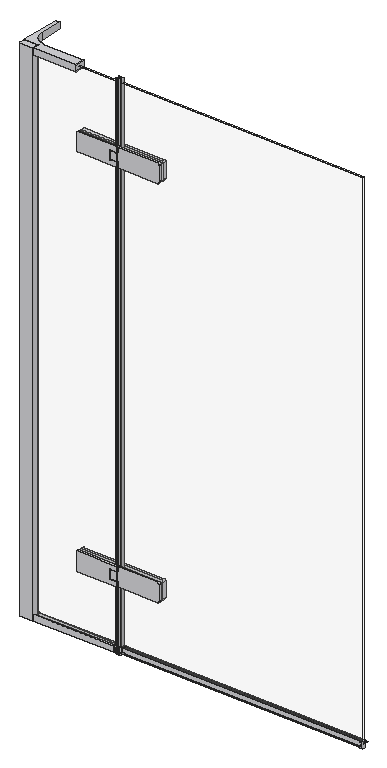
Revit family "Shower-Bath_Screen-KOHLER-COMPOSED-1.1922.031", category Specialty Equipment, host Face, Revit 2017
Family settings
  Host = Face
  Round Connector Dimension = Use Diameter
  Part Type = Normal
  OmniClass Number = 23.31.17.17
  OmniClass Title = Shower Enclosures
  Cut with Voids When Loaded = No
  Shared = No
  Room Calculation Point = No
Parameters (values of type "Polished Chrome")
  Width [instance] = 40 5/8"
  WaterSense Certified = 1 = 0  # no
  URL = "https://www.kohler.co.uk/"
  Type = 1
  Product Page URL = ""
  Product Name = "COMPOSED"  # constant formula
  Product Documentation Link = ""
  Model = "1.1922.031"  # constant formula
  Material = "Premium Metal Construction"  # constant formula
  Master Format 2014 Name = "Shower Doors"  # constant formula
  Master Format 2014 = "10 28 19.16"  # constant formula
  Manufacturer Address = "Cromwell Road, Cheltenham, Gloucestershire. GL52 5EP Registered in England No. 252115"  # constant formula
  Manufacturer = "KOHLER Co."  # constant formula
  Length = 5 91/256"  # constant formula
  Height = 61 3/128"  # constant formula
  Head Clearance = 60 111/128"  # constant formula
  Finish = Kohler-Metal-CP-Polished_Chrome
  Environmental Product Declaration = ""
  Description = "HINGE BATH SCREEN"  # constant formula
  Default Elevation = 4"
  Declare Label = ""
  Date Modified = "10/29/2021"  # constant formula
  Date Created = "10/29/2021"  # constant formula
  Copyright = "Copyright KOHLER Co."  # constant formula
  Contact Us = "https://www.kohler.co.uk/support/contact/"
  Assembly Code = "C1030200"
  ADA Compliant = 1 = 0  # no
Reference planes (in)
  plane 1 "Center (Front/Back)": y = 0
  plane 2: z = 0
  plane 3 "Center (Left/Right)": x = 0
  plane 4: x = -11.61417
  plane 5: z = 61.02344
  plane 6: z = 60.86719
  plane 7: z = 60.27541
  plane 8: z = 53.9891
  plane 9: z = 51.82374
  plane 10: z = 9.35039
  plane 11: z = 7.18504
  plane 12: x = 29.01083
  plane 13: y = 2.67717
  plane 14: y = -2.6783
  plane 15: y = -2.35927
Dimensions and locks (in)
  locked: plane 3 "Center (Left/Right)" to plane 4 at 11.61417
  "Height": plane 5 to plane 2
  locked: plane 5 to plane 7 at 0.74803
  "Head Clearance": plane 6 to plane 2
  "Width": plane 4 to plane 12
  "Length": plane 13 to plane 14
  aligned and locked: plane 2 to host face
  aligned and locked: level to host face
Automatic sketch dimensions
  host sketch curve to host sketch curve = 96"  (x2)
Nested families (in)
  nested 1: "1.1922.031" at (0, 2.67717, 0), type "1.1922.031"
    with Width 40 5/8"
Definition of nested family "1.1922.031"
  Parameters (values of type "1.1922.031")
    Width = 40.15748"
    Material = none
  Reference planes (in)
    plane 1 "Center (Front/Back)": y = 0
    plane 2: z = 0
    plane 3 "Center (Left/Right)": x = 0
    plane 4: x = -11.61417
    plane 5: x = 28.54331
    plane 6: z = 60.86614
    plane 7: z = 61.02362
    plane 8: z = 60.27559
    plane 9: y = -5.35433
    plane 10: z = 53.9891
    plane 11: z = 51.82374
    plane 12: z = 9.35039
    plane 13: z = 7.18504
    plane 14: y = -2.67717
    plane 15: y = -5.03644
  Forms (in)
    Extrusion 1, solid, material <- "Material", detail levels medium+fine
      sketch origin (0, 0, 0) x (1, 0, 0) y (0, 1, 0)
        loop
          line (-11.5748, -5.25756) -> (-11.61417, -5.25756) -> (-11.61417, -5.31492)
          arc (-11.61417, -5.31492) -> (-11.60804, -5.33003) -> (-11.5931, -5.33657) r 0.02165
          arc (-11.5931, -5.33657) -> (-10.82677, -5.34678) -> (-10.06043, -5.33629) r 28.38014
          arc (-10.06043, -5.33629) -> (-10.04551, -5.32975) -> (-10.03937, -5.31464) r 0.02165
          line (-10.03937, -5.31464) -> (-10.03937, -4.64939)
          arc (-10.03937, -4.64939) -> (-10.04551, -4.63428) -> (-10.06043, -4.62774) r 0.02165
          arc (-10.06043, -4.62774) -> (-10.82677, -4.61725) -> (-11.5931, -4.62746) r 28.38014
          arc (-11.5931, -4.62746) -> (-11.60804, -4.634) -> (-11.61417, -4.64911) r 0.02165
          line (-11.61417, -4.64911) -> (-11.61417, -4.71031) -> (-11.5748, -4.71031) -> (-11.5748, -5.25756)
      from 0 to 61.02362
    Extrusion 2, solid, material <- "Material", detail levels medium+fine
      sketch origin (0, 0, 0) x (1, 0, 0) y (0, 1, 0)
        loop
          arc (-0.03937, -5.18961) -> (-0.04592, -5.20408) -> (-0.06113, -5.20871) r 0.01926
          line (-0.06113, -5.20871) -> (-0.16929, -5.19459)
          arc (-0.16929, -5.19459) -> (-0.17541, -5.18062) -> (-0.18953, -5.17488) r 0.02025
          line (-0.18953, -5.17488) -> (-0.24016, -5.17488) -> (-0.24016, -5.22902) -> (-0.06203, -5.25226)
          arc (-0.06203, -5.25226) -> (-0.01594, -5.23824) -> (0.00394, -5.19435) r 0.05841
          line (0.00394, -5.19435) -> (0.00394, -4.99772) -> (0.17759, -4.99772)
          arc (0.17759, -4.99772) -> (0.29534, -4.87754) -> (0.17278, -4.76227) r 0.11777
          line (0.17278, -4.76227) -> (-0.04223, -4.77105) -> (-0.24016, -4.80572) -> (-0.24016, -4.85992) -> (-0.18898, -4.85992)
          arc (-0.18898, -4.85992) -> (-0.17505, -4.85415) -> (-0.16929, -4.84022) r 0.01969
          line (-0.16929, -4.84022) -> (-0.06455, -4.82655)
          arc (-0.06455, -4.82655) -> (-0.04696, -4.83191) -> (-0.03937, -4.84867) r 0.0223
          line (-0.03937, -4.84867) -> (-0.03937, -5.18961)
      from 0.23622 to 61.1811
    Extrusion 3, solid, material <- "Material", detail levels medium+fine
      sketch origin (-4.19291, -5.37173, 61.07373) x (-1, 0, 0) y (0, 0, -1)
        loop
          line (0.7874, 0.05011) -> (5.74803, 0.05011)
          arc (5.74803, 0.05011) -> (5.80371, 0.07318) -> (5.82677, 0.12885) r 0.07874
          line (5.82677, 0.12885) -> (5.82677, 0.73122)
          arc (5.82677, 0.73122) -> (5.80371, 0.78689) -> (5.74803, 0.80996) r 0.07874
          line (5.74803, 0.80996) -> (0.7874, 0.80996)
          arc (0.7874, 0.80996) -> (0.73172, 0.78689) -> (0.70866, 0.73122) r 0.07874
          line (0.70866, 0.73122) -> (0.70866, 0.12885)
          arc (0.70866, 0.12885) -> (0.73172, 0.07318) -> (0.7874, 0.05011) r 0.07874
      from 0 to -1.12598
    Extrusion 4, solid, material <- "Material", detail levels medium+fine
      sketch origin (-11.16142, -1.53978, 61.02362) x (1, 0, 0) y (0, 1, 0)
        loop
          line (0.02362, 1.53978) -> (-0.45276, 1.53978) -> (-0.45276, -3.05589)
          arc (-0.45276, -3.05589) -> (-0.44323, -3.07846) -> (-0.42043, -3.08738) r 0.0315
          arc (-0.42043, -3.08738) -> (0.34028, -3.07747) -> (1.10098, -3.08796) r 28.38014
          arc (1.10098, -3.08796) -> (1.12148, -3.08722) -> (1.14173, -3.08392) r 0.16294
          line (1.14173, -3.08392) -> (3.18898, -3.08392) -> (3.18898, -2.70597) -> (1.52343, -2.70597)
          arc (1.52343, -2.70597) -> (0.4629, -2.26668) -> (0.02362, -1.20616) r 1.49981
          line (0.02362, -1.20616) -> (0.02362, 1.53978)
      from 0 to -0.75984
    Extrusion 5, solid, material <- "Material", detail levels medium+fine
      sketch origin (0, 0, 0) x (1, 0, 0) y (0, 1, 0)
        loop
          line (-0.4616, -5.17685) -> (-0.4616, -5.33433) -> (-0.09152, -5.33433)
          arc (-0.09152, -5.33433) -> (-0.03456, -5.32839) -> (0.01994, -5.31084) r 0.2762
          arc (0.01994, -5.31084) -> (0.01357, -5.32429) -> (0.02522, -5.33354) r 0.01196
          line (0.02522, -5.33354) -> (0.19934, -5.33354)
          arc (0.19934, -5.33354) -> (0.24301, -5.3287) -> (0.28454, -5.3144) r 0.19918
          line (0.28454, -5.3144) -> (0.40157, -5.25902) -> (0.40157, -5.18028) -> (0.15582, -5.18028)
          arc (0.15582, -5.18028) -> (0.17474, -5.13123) -> (0.18386, -5.07946) r 0.27151
          arc (0.18386, -5.07946) -> (0.1788, -5.06491) -> (0.16468, -5.05874) r 0.01923
          line (0.16468, -5.05874) -> (0.13204, -5.05874)
          arc (0.13204, -5.05874) -> (0.11784, -5.06406) -> (0.11063, -5.07739) r 0.02162
          arc (0.11063, -5.07739) -> (0.03865, -5.21042) -> (-0.10301, -5.26346) r 0.21568
          line (-0.10301, -5.26346) -> (-0.26475, -5.26346) -> (-0.26475, -5.17685) -> (-0.4616, -5.17685)
      from 0 to 0.76759
    Extrusion 6, solid, material <- "Material", detail levels medium+fine
      sketch origin (0, -0.05103, 0) x (0, 1, 0) y (0, 0, 1)
        loop
          line (-5.26346, 0.70866) -> (-5.26346, 0) -> (-4.71228, 0) -> (-4.71228, 0.70866) -> (-4.80087, 0.70866) -> (-4.80087, 0.35433) -> (-5.17488, 0.35433) -> (-5.17488, 0.70866) -> (-5.26346, 0.70866)
      from -10.03937 to -0.4616
    Extrusion 7, solid, material <- "Material", detail levels medium+fine
      sketch origin (0, 0, 0) x (0, 1, 0) y (0, 0, 1)
        loop
          line (-5.1634, 0.76759) -> (-5.21637, 0.76759)
          arc (-5.21637, 0.76759) -> (-5.24653, 0.7551) -> (-5.25902, 0.72495) r 0.04264
          line (-5.25902, 0.72495) -> (-5.25902, 0.22258)
          arc (-5.25902, 0.22258) -> (-5.03644, 0) -> (-4.81386, 0.22258) r 0.22258
          line (-4.81386, 0.22258) -> (-4.81386, 0.41903) -> (-4.82259, 0.65438)
          arc (-4.82259, 0.65438) -> (-4.81396, 0.66854) -> (-4.79756, 0.66614) r 0.01503
          arc (-4.79756, 0.66614) -> (-4.64291, 0.53916) -> (-4.47818, 0.42559) r 2.38732
          arc (-4.47818, 0.42559) -> (-4.45199, 0.43127) -> (-4.45716, 0.45757) r 0.01914
          arc (-4.45716, 0.45757) -> (-4.61358, 0.56965) -> (-4.7652, 0.68814) r 4.63249
          arc (-4.7652, 0.68814) -> (-4.79159, 0.71164) -> (-4.81584, 0.73735) r 0.40621
          arc (-4.81584, 0.73735) -> (-4.83808, 0.75733) -> (-4.86461, 0.77111) r 0.11869
          arc (-4.86461, 0.77111) -> (-4.87961, 0.76918) -> (-4.8866, 0.75578) r 0.01634
          line (-4.8866, 0.75578) -> (-4.8866, 0.62936)
          arc (-4.8866, 0.62936) -> (-4.88124, 0.61523) -> (-4.86784, 0.60822) r 0.0213
          line (-4.86784, 0.60822) -> (-4.86103, 0.41647)
          arc (-4.86103, 0.41647) -> (-4.86719, 0.40042) -> (-4.88301, 0.3937) r 0.02199
          line (-4.88301, 0.3937) -> (-5.16493, 0.3937)
          arc (-5.16493, 0.3937) -> (-5.18105, 0.40038) -> (-5.18772, 0.41649) r 0.02279
          line (-5.18772, 0.41649) -> (-5.18772, 0.45276) -> (-5.22358, 0.48882) -> (-5.22358, 0.70854) -> (-5.1634, 0.70854) -> (-5.1634, 0.76759)
      from 0.40157 to 28.54331
    Extrusion 8, solid, material <- "Material", detail levels medium+fine
      sketch origin (0, 0, 0) x (1, 0, 0) y (0, 0, 1)
        loop
          arc (-4.6063, 9.35039) -> (-4.74549, 9.29274) -> (-4.80315, 9.15354) r 0.19685
          line (-4.80315, 9.15354) -> (-4.80315, 7.38189)
          arc (-4.80315, 7.38189) -> (-4.74549, 7.2427) -> (-4.6063, 7.18504) r 0.19685
          line (-4.6063, 7.18504) -> (-0.02953, 7.18504)
          arc (-0.02953, 7.18504) -> (-0.00169, 7.19657) -> (0.00984, 7.22441) r 0.03937
          line (0.00984, 7.22441) -> (0.00984, 9.31102)
          arc (0.00984, 9.31102) -> (-0.00169, 9.33886) -> (-0.02953, 9.35039) r 0.03937
          line (-0.02953, 9.35039) -> (-4.6063, 9.35039)
        loop
          arc (4.84252, 7.18504) -> (4.98171, 7.2427) -> (5.03937, 7.38189) r 0.19685
          line (5.03937, 7.38189) -> (5.03937, 9.15354)
          arc (5.03937, 9.15354) -> (4.98171, 9.29274) -> (4.84252, 9.35039) r 0.19685
          line (4.84252, 9.35039) -> (0.3937, 9.35039)
          arc (0.3937, 9.35039) -> (0.36586, 9.33886) -> (0.35433, 9.31102) r 0.03937
          line (0.35433, 9.31102) -> (0.35433, 7.22441)
          arc (0.35433, 7.22441) -> (0.36586, 7.19657) -> (0.3937, 7.18504) r 0.03937
          line (0.3937, 7.18504) -> (4.84252, 7.18504)
      from 4.53786 to 4.85992
    Extrusion 9, solid, material <- "Material", detail levels medium+fine
      sketch origin (0.01969, 0, 44.6387) x (1, 0, 0) y (0, 0, 1)
        loop
          arc (-4.6063, 9.35039) -> (-4.74549, 9.29274) -> (-4.80315, 9.15354) r 0.19685
          line (-4.80315, 9.15354) -> (-4.80315, 7.38189)
          arc (-4.80315, 7.38189) -> (-4.74549, 7.2427) -> (-4.6063, 7.18504) r 0.19685
          line (-4.6063, 7.18504) -> (-0.02953, 7.18504)
          arc (-0.02953, 7.18504) -> (-0.00169, 7.19657) -> (0.00984, 7.22441) r 0.03937
          line (0.00984, 7.22441) -> (0.00984, 9.31102)
          arc (0.00984, 9.31102) -> (-0.00169, 9.33886) -> (-0.02953, 9.35039) r 0.03937
          line (-0.02953, 9.35039) -> (-4.6063, 9.35039)
        loop
          arc (4.84252, 7.18504) -> (4.98171, 7.2427) -> (5.03937, 7.38189) r 0.19685
          line (5.03937, 7.38189) -> (5.03937, 9.15354)
          arc (5.03937, 9.15354) -> (4.98171, 9.29274) -> (4.84252, 9.35039) r 0.19685
          line (4.84252, 9.35039) -> (0.3937, 9.35039)
          arc (0.3937, 9.35039) -> (0.36586, 9.33886) -> (0.35433, 9.31102) r 0.03937
          line (0.35433, 9.31102) -> (0.35433, 7.22441)
          arc (0.35433, 7.22441) -> (0.36586, 7.19657) -> (0.3937, 7.18504) r 0.03937
          line (0.3937, 7.18504) -> (4.84252, 7.18504)
      from 4.53786 to 4.85992
    Extrusion 10, solid, material <- "Material", detail levels medium+fine
      sketch origin (0, 0, 0) x (1, 0, 0) y (0, 0, 1)
        loop
          line (0.02953, 9.35039) -> (-4.6063, 9.35039)
          arc (-4.6063, 9.35039) -> (-4.74549, 9.29274) -> (-4.80315, 9.15354) r 0.19685
          line (-4.80315, 9.15354) -> (-4.80315, 7.38189)
          arc (-4.80315, 7.38189) -> (-4.74549, 7.2427) -> (-4.6063, 7.18504) r 0.19685
          line (-4.6063, 7.18504) -> (0.02953, 7.18504) -> (0.02953, 7.75394) -> (-0.83661, 7.75394) -> (-0.83661, 8.7815) -> (0.02953, 8.7815) -> (0.02953, 9.35039)
        loop
          line (-0.75787, 8.74016) -> (-0.75787, 7.79528) -> (0.20669, 7.79528) -> (0.20669, 7.18504) -> (4.84252, 7.18504)
          arc (4.84252, 7.18504) -> (4.98171, 7.2427) -> (5.03937, 7.38189) r 0.19685
          line (5.03937, 7.38189) -> (5.03937, 9.15354)
          arc (5.03937, 9.15354) -> (4.98171, 9.29274) -> (4.84252, 9.35039) r 0.19685
          line (4.84252, 9.35039) -> (0.20669, 9.35039) -> (0.20669, 8.74016) -> (-0.75787, 8.74016)
      from 5.21425 to 5.43079
    Extrusion 11, solid, detail levels medium+fine
      sketch origin (0, 0, 0) x (1, 0, 0) y (0, 1, 0)
        loop
          line (-0.07874, -4.85992) -> (-11.29921, -4.85992) -> (-11.29921, -5.17488) -> (-0.07874, -5.17488) -> (-0.03937, -5.13551) -> (-0.03937, -4.89929) -> (-0.07874, -4.85992)
      from 0.35433 to 60.7874
    Extrusion 12, solid, detail levels medium+fine
      sketch origin (0, 0, 0) x (1, 0, 0) y (0, 1, 0)
        loop
          line (0.20472, -5.13551) -> (0.24409, -5.17488) -> (28.54331, -5.17488) -> (28.54331, -4.85992) -> (0.24409, -4.85992) -> (0.20472, -4.89929) -> (0.20472, -5.13551)
      from 0.3937 to 60.7874
    Extrusion 13, solid, material <- "Material", detail levels medium+fine
      sketch origin (0.01969, 0, 44.6387) x (1, 0, 0) y (0, 0, 1)
        loop
          line (0.02953, 9.35039) -> (-4.6063, 9.35039)
          arc (-4.6063, 9.35039) -> (-4.74549, 9.29274) -> (-4.80315, 9.15354) r 0.19685
          line (-4.80315, 9.15354) -> (-4.80315, 7.38189)
          arc (-4.80315, 7.38189) -> (-4.74549, 7.2427) -> (-4.6063, 7.18504) r 0.19685
          line (-4.6063, 7.18504) -> (0.02953, 7.18504) -> (0.02953, 7.75394) -> (-0.83661, 7.75394) -> (-0.83661, 8.7815) -> (0.02953, 8.7815) -> (0.02953, 9.35039)
        loop
          line (-0.75787, 8.74016) -> (-0.75787, 7.79528) -> (0.20669, 7.79528) -> (0.20669, 7.18504) -> (4.84252, 7.18504)
          arc (4.84252, 7.18504) -> (4.98171, 7.2427) -> (5.03937, 7.38189) r 0.19685
          line (5.03937, 7.38189) -> (5.03937, 9.15354)
          arc (5.03937, 9.15354) -> (4.98171, 9.29274) -> (4.84252, 9.35039) r 0.19685
          line (4.84252, 9.35039) -> (0.20669, 9.35039) -> (0.20669, 8.74016) -> (-0.75787, 8.74016)
      from 5.17488 to 5.43079
    Extrusion 14, solid, material <- "Material", detail levels coarse
      sketch origin (0, 0, 0) x (1, 0, 0) y (0, 0, 1)
        loop
          line (-11.61417, 61.02362) -> (-11.61417, 0) -> (28.54331, 0) -> (28.54331, 0.70866) -> (0.29536, 0.70866) -> (0.29536, 7.18504) -> (5.03937, 7.18504) -> (5.03937, 9.35039) -> (0.29536, 9.35039) -> (0.29536, 51.82374) -> (5.05906, 51.82374) -> (5.05906, 53.9891) -> (0.29536, 53.9891) -> (0.29536, 61.1811) -> (-0.24016, 61.1811) -> (-0.24016, 53.9891) -> (-4.78346, 53.9891) -> (-4.78346, 51.82374) -> (-0.24016, 51.82374) -> (-0.24016, 9.35039) -> (-4.80315, 9.35039) -> (-4.80315, 7.18504) -> (-0.24016, 7.18504) -> (-0.24016, 0.70866) -> (-10.01969, 0.70866) -> (-10.01969, 61.02362) -> (-11.61417, 61.02362)
      from 4.44884 to 5.35433
    Extrusion 15, solid, material <- "Material", detail levels coarse
      sketch origin (-4.98031, -5.37173, 61.02362) x (-1, 0, 0) y (0, -1, 0)
        loop
          line (0, -1.12598) -> (4.65768, -1.12598)
          arc (4.65768, -1.12598) -> (5.7182, -1.56527) -> (6.15748, -2.62579) r 1.49981
          line (6.15748, -2.62579) -> (6.15748, -5.37173) -> (6.63386, -5.37173) -> (6.63386, -0.92289) -> (5.03937, -0.92289) -> (5.03937, 0) -> (0, 0) -> (0, -1.12598)
      from 0 to -0.75984
    Extrusion 16, solid, detail levels coarse
      sketch origin (0, 0, 0) x (1, 0, 0) y (0, 0, 1)
        loop
          line (-0.24016, 60.7874) -> (-10.01969, 60.7874) -> (-10.01969, 0.70866) -> (-0.24016, 0.70866) -> (-0.24016, 7.18504) -> (-4.80315, 7.18504) -> (-4.80315, 9.35039) -> (-0.24016, 9.35039) -> (-0.24016, 51.82374) -> (-4.78346, 51.82374) -> (-4.78346, 53.9891) -> (-0.24016, 53.9891) -> (-0.24016, 60.7874)
        loop
          line (0.29536, 0.70866) -> (28.54331, 0.70866) -> (28.54331, 60.7874) -> (0.29536, 60.7874) -> (0.29536, 53.9891) -> (5.05906, 53.9891) -> (5.05906, 51.82374) -> (0.29536, 51.82374) -> (0.29536, 9.35039) -> (5.03937, 9.35039) -> (5.03937, 7.18504) -> (0.29536, 7.18504) -> (0.29536, 0.70866)
      from 5.17488 to 4.85992
  Cuts and joins
    joined: Extrusion 3, Extrusion 4
    joined: Extrusion 5, Extrusion 7
    joined: Extrusion 8, Extrusion 9, Extrusion 10, Extrusion 13
    joined: Extrusion 11, Extrusion 12
    joined: Extrusion 14, Extrusion 15
  Lines and regions (in)
    Masking region 1
      outline origin (0, 0, 0) x (1, 0, 0) y (0, 0, 1)
        loop
          line (-4.98031, 61.02362) -> (-11.61417, 61.02362) -> (-11.61417, 0) -> (28.54331, 0) -> (28.54331, 60.86614) -> (0.29536, 60.86614) -> (0.29536, 61.1811) -> (-0.24016, 61.1811) -> (-0.24016, 60.86614) -> (-4.90157, 60.86614) -> (-4.90157, 60.94488)
          arc (-4.90157, 60.94488) -> (-4.92464, 61.00056) -> (-4.98031, 61.02362) r 0.07874
    Masking region 2
      outline origin (0, 0, 0) x (0, 1, 0) y (0, 0, 1)
        loop
          line (0, 61.02362) -> (-4.76217, 61.02362) -> (-4.76217, 61.1811) -> (-5.25276, 61.1811) -> (-5.25276, 61.02362) -> (-5.38853, 61.02362) -> (-5.38853, 60.27559) -> (-5.35433, 60.27559) -> (-5.35433, 53.9891) -> (-5.43079, 53.9891) -> (-5.43079, 51.82374) -> (-5.35433, 51.82374) -> (-5.35433, 9.35039) -> (-5.43079, 9.35039) -> (-5.43079, 7.18504) -> (-5.35433, 7.18504) -> (-5.35433, 0) -> (-4.61516, 0) -> (-4.61516, 0.51857)
          arc (-4.61516, 0.51857) -> (-4.54747, 0.47089) -> (-4.47818, 0.42559) r 2.38732
          arc (-4.47818, 0.42559) -> (-4.45199, 0.43127) -> (-4.45716, 0.45757) r 0.01914
          arc (-4.45716, 0.45757) -> (-4.53675, 0.51337) -> (-4.61516, 0.57084) r 4.63249
          line (-4.61516, 0.57084) -> (-4.61516, 7.18504) -> (-4.53786, 7.18504) -> (-4.53786, 9.35039) -> (-4.61516, 9.35039) -> (-4.61516, 51.82374) -> (-4.53786, 51.82374) -> (-4.53786, 53.9891) -> (-4.61516, 53.9891) -> (-4.61516, 60.27559) -> (0, 60.27559) -> (0, 61.02362)
    Masking region 3
      outline origin (0, 0, 0) x (1, 0, 0) y (0, 1, 0)
        loop
          line (-11.1378, 0) -> (-11.61417, 0) -> (-11.61417, -4.59568)
          arc (-11.61417, -4.59568) -> (-11.60688, -4.61583) -> (-11.58838, -4.62665) r 0.0315
          arc (-11.58838, -4.62665) -> (-11.60637, -4.63247) -> (-11.61417, -4.64911) r 0.02165
          line (-11.61417, -4.64911) -> (-11.61417, -4.71031) -> (-11.5748, -4.71031) -> (-11.5748, -5.25756) -> (-11.61417, -5.25756) -> (-11.61417, -5.31263)
          arc (-11.61417, -5.31263) -> (-11.60753, -5.32899) -> (-11.59136, -5.33608) r 0.02346
          arc (-11.59136, -5.33608) -> (-10.81606, -5.34678) -> (-10.04075, -5.33629) r 28.38014
          arc (-10.04075, -5.33629) -> (-10.02582, -5.32975) -> (-10.01969, -5.31464) r 0.02165
          line (-10.01969, -5.31464) -> (-10.01969, -5.35433) -> (-4.90157, -5.35433) -> (-4.90157, -5.3145) -> (-4.80315, -5.3145) -> (-4.80315, -5.43079) -> (5.05906, -5.43079) -> (5.05906, -5.25902) -> (28.54331, -5.25902) -> (28.54331, -4.44884) -> (0.40157, -4.44884) -> (0.40157, -4.53786) -> (0.35433, -4.53786) -> (0.35433, -4.85992) -> (0.29365, -4.85992)
          arc (0.29365, -4.85992) -> (0.2516, -4.78834) -> (0.17278, -4.76227) r 0.11777
          line (0.17278, -4.76227) -> (0.02954, -4.76812) -> (0.02954, -4.53786) -> (-4.80315, -4.53786) -> (-4.80315, -4.76332) -> (-4.90157, -4.76332) -> (-4.90157, -4.24575) -> (-9.63799, -4.24575)
          arc (-9.63799, -4.24575) -> (-10.69851, -3.80647) -> (-11.1378, -2.74594) r 1.49981
          line (-11.1378, -2.74594) -> (-11.1378, 0)
    symbolic lines, detail levels medium+fine
      curve 1: line (-10.03937, 0, 61.02362) -> (-10.03937, 0, 0)
      curve 2: arc (-9.94094, 0, 61.02362) -> (-9.99662, 0, 61.00056) -> (-10.01969, 0, 60.94488) r 0.07874
      curve 3: line (-10.01969, 0, 60.94488) -> (-10.01969, 0, 60.34252)
      curve 4: arc (-10.01969, 0, 60.34252) -> (-10.00974, 0, 60.30422) -> (-9.98242, 0, 60.27559) r 0.07874
      curve 5: line (-9.98242, 0, 60.27559) -> (-4.98031, 0, 60.27559)
      curve 6: line (-4.90157, 0, 60.35433) -> (-4.90157, 0, 60.86614)
      curve 7: arc (-4.98031, 0, 60.27559) -> (-4.92464, 0, 60.29865) -> (-4.90157, 0, 60.35433) r 0.07874
      curve 8: line (-0.24016, 0, 60.86614) -> (-0.24016, 0, 53.9891)
      curve 9: line (0.20472, 0, 60.7874) -> (0.20472, 0, 53.9891)
      curve 10: line (0.20472, 0, 60.7874) -> (0.29536, 0, 60.7874)
      curve 11: line (0, 0, 61.1811) -> (0, 0, 53.9891)
      curve 12: line (0.24409, 0, 0.76759) -> (0.24409, 0, 7.18504)
      curve 13: line (-0.4616, 0, 0.76759) -> (0.40157, 0, 0.76759)
      curve 14: line (-0.4616, 0, 0.76759) -> (-0.4616, 0, 0)
      curve 15: line (0.40157, 0, 0.76759) -> (0.40157, 0, 0)
      curve 16: line (-0.4616, 0, 0.70866) -> (-10.03937, 0, 0.70866)
      curve 17: line (0.40157, 0, 0.76759) -> (28.54331, 0, 0.76759)
      curve 18: line (0.02522, 0, 0.76759) -> (0.02522, 0, 0)
      curve 19: line (0.02953, 0, 9.35039) -> (-4.6063, 0, 9.35039)
      curve 20: arc (-4.6063, 0, 9.35039) -> (-4.74549, 0, 9.29274) -> (-4.80315, 0, 9.15354) r 0.19685
      curve 21: line (-4.80315, 0, 9.15354) -> (-4.80315, 0, 7.38189)
      curve 22: arc (-4.80315, 0, 7.38189) -> (-4.74549, 0, 7.2427) -> (-4.6063, 0, 7.18504) r 0.19685
      curve 23: line (-4.6063, 0, 7.18504) -> (0.02953, 0, 7.18504)
      curve 24: line (0.02953, 0, 7.18504) -> (0.02953, 0, 7.75394)
      curve 25: line (0.02953, 0, 7.75394) -> (-0.83661, 0, 7.75394)
      curve 26: line (-0.83661, 0, 7.75394) -> (-0.83661, 0, 8.7815)
      curve 27: line (-0.83661, 0, 8.7815) -> (0.02953, 0, 8.7815)
      curve 28: line (0.02953, 0, 8.7815) -> (0.02953, 0, 9.35039)
      curve 29: line (0.02953, 0, 9.35039) -> (-4.6063, 0, 9.35039)
      curve 30: line (-0.24016, 0, 7.18504) -> (-0.24016, 0, 0.76759)
      curve 31: line (0, 0, 7.18504) -> (0, 0, 0.76759)
      curve 32: line (4.84252, 0, 9.35039) -> (0.20669, 0, 9.35039)
      curve 33: line (0.20669, 0, 9.35039) -> (0.20669, 0, 8.74016)
      curve 34: line (0.20669, 0, 8.74016) -> (-0.75787, 0, 8.74016)
      curve 35: line (-0.75787, 0, 8.74016) -> (-0.75787, 0, 7.79528)
      curve 36: line (-0.75787, 0, 7.79528) -> (0.20669, 0, 7.79528)
      curve 37: line (0.20669, 0, 7.79528) -> (0.20669, 0, 7.18504)
      curve 38: line (0.20669, 0, 7.18504) -> (4.84252, 0, 7.18504)
      curve 39: arc (5.03937, 0, 9.15354) -> (4.98171, 0, 9.29274) -> (4.84252, 0, 9.35039) r 0.19685
      curve 40: line (5.03937, 0, 7.38189) -> (5.03937, 0, 9.15354)
      curve 41: arc (4.84252, 0, 7.18504) -> (4.98171, 0, 7.2427) -> (5.03937, 0, 7.38189) r 0.19685
      curve 42: line (0.24409, 0, 9.35039) -> (0.24409, 0, 51.82374)
      curve 43: line (0.20472, 0, 7.18504) -> (0.20472, 0, 0.76759)
      curve 44: line (0.04922, 0, 53.9891) -> (-4.58661, 0, 53.9891)
      curve 45: arc (-4.58661, 0, 53.9891) -> (-4.7258, 0, 53.93144) -> (-4.78346, 0, 53.79225) r 0.19685
      curve 46: line (-4.78346, 0, 53.79225) -> (-4.78346, 0, 52.02059)
      curve 47: arc (-4.78346, 0, 52.02059) -> (-4.7258, 0, 51.8814) -> (-4.58661, 0, 51.82374) r 0.19685
      curve 48: line (-4.58661, 0, 51.82374) -> (0.04922, 0, 51.82374)
      curve 49: line (0.04922, 0, 51.82374) -> (0.04922, 0, 52.39264)
      curve 50: line (0.04922, 0, 52.39264) -> (-0.81692, 0, 52.39264)
      curve 51: line (-0.81692, 0, 52.39264) -> (-0.81692, 0, 53.4202)
      curve 52: line (-0.81692, 0, 53.4202) -> (0.04922, 0, 53.4202)
      curve 53: line (0.04922, 0, 53.4202) -> (0.04922, 0, 53.9891)
      curve 54: line (0.04922, 0, 53.9891) -> (-4.58661, 0, 53.9891)
      curve 55: line (4.86221, 0, 53.9891) -> (0.17717, 0, 53.9891)
      curve 56: line (0.17717, 0, 53.9891) -> (0.17717, 0, 53.37886)
      curve 57: line (0.17717, 0, 53.37886) -> (-0.73818, 0, 53.37886)
      curve 58: line (-0.73818, 0, 53.37886) -> (-0.73818, 0, 52.43398)
      curve 59: line (-0.73818, 0, 52.43398) -> (0.17717, 0, 52.43398)
      curve 60: line (0.17717, 0, 52.43398) -> (0.17717, 0, 51.82374)
      curve 61: line (0.17717, 0, 51.82374) -> (4.86221, 0, 51.82374)
      curve 62: arc (5.05906, 0, 53.79225) -> (5.00141, 0, 53.93144) -> (4.86221, 0, 53.9891) r 0.19685
      curve 63: line (5.05906, 0, 52.02059) -> (5.05906, 0, 53.79225)
      curve 64: arc (4.86221, 0, 51.82374) -> (5.00141, 0, 51.8814) -> (5.05906, 0, 52.02059) r 0.19685
      curve 65: line (-0.24016, 0, 51.82374) -> (-0.24016, 0, 9.35039)
      curve 66: line (0, 0, 51.82374) -> (0, 0, 9.35039)
      curve 67: line (0.24409, 0, 53.9891) -> (0.24409, 0, 60.7874)
      curve 68: line (0.20472, 0, 51.82374) -> (0.20472, 0, 9.35039)
      curve 69: line (0, -4.61516, 60.27559) -> (0, -4.61516, 61.02362)
      curve 70: line (0, -4.71031, 61.02362) -> (0, -4.71031, 0)
      curve 71: line (0, -5.25756, 0) -> (0, -5.25756, 61.02362)
      curve 72: line (0, -4.71031, 61.02362) -> (0, -5.25756, 61.02362)
      curve 73: line (0, -5.22902, 61.1811) -> (0, -5.22902, 61.02362)
      curve 74: line (0, -4.99772, 61.1811) -> (0, -4.99772, 61.02362)
      curve 75: line (0, -4.80572, 61.1811) -> (0, -4.80572, 61.02362)
      curve 76: line (0, -4.85992, 61.1811) -> (0, -4.85992, 61.02362)
      curve 77: line (0, -4.61516, 9.35039) -> (0, -4.61516, 7.18504)
      curve 78: line (0, -5.35433, 9.35039) -> (0, -5.35433, 7.18504)
      curve 79: line (0, -4.61516, 53.9891) -> (0, -4.61516, 51.82374)
      curve 80: line (0, -5.35433, 53.9891) -> (0, -5.35433, 51.82374)
      curve 81: line (0, -5.35433, 60.27559) -> (0, -5.35433, 61.02362)
      curve 82: line (-11.5931, -4.62746, 0) -> (-10.06301, -4.62746, 0)
      curve 83: line (-10.01969, -5.31464, 0) -> (-10.01969, -4.67079, 0)
      curve 84: arc (-10.06301, -4.62746, 0) -> (-10.03238, -4.64015, 0) -> (-10.01969, -4.67079, 0) r 0.04333
      curve 85: line (-0.07874, -4.85992, 0) -> (-4.90157, -4.85992, 0)
      curve 86: line (-0.07874, -5.17488, 0) -> (-4.90157, -5.17488, 0)
      curve 87: line (-4.80315, -5.17488, 0) -> (-4.80315, -5.3145, 0)
      curve 88: line (-4.90157, -4.76332, 0) -> (-4.90157, -5.3145, 0)
      curve 89: line (-4.80315, -4.76332, 0) -> (-4.80315, -4.85992, 0)
      curve 90: line (-0.03937, -4.89929, 0) -> (-0.07874, -4.85992, 0)
      curve 91: line (-0.03937, -4.84867, 0) -> (-0.03937, -5.18961, 0)
      curve 92: line (-0.07874, -5.17488, 0) -> (-0.03937, -5.13551, 0)
      curve 93: line (-0.16929, -4.84022, 0) -> (-0.06455, -4.82655, 0)
      curve 94: arc (-0.18898, -4.85992, 0) -> (-0.17505, -4.85415, 0) -> (-0.16929, -4.84022, 0) r 0.01969
      curve 95: line (-0.24016, -4.80572, 0) -> (-0.24016, -4.85992, 0)
      curve 96: line (-0.04223, -4.77105, 0) -> (-0.24016, -4.80572, 0)
      curve 97: line (0.17278, -4.76227, 0) -> (-0.04223, -4.77105, 0)
      curve 98: arc (0.17759, -4.99772, 0) -> (0.26767, -4.95581, 0) -> (0.29365, -4.85992, 0) r 0.11777
      curve 99: line (0.00394, -4.99772, 0) -> (0.17759, -4.99772, 0)
      curve 100: line (0.00394, -5.19435, 0) -> (0.00394, -4.99772, 0)
      curve 101: arc (-0.06203, -5.25226, 0) -> (-0.01594, -5.23824, 0) -> (0.00394, -5.19435, 0) r 0.05841
      curve 102: arc (-0.03937, -5.18961, 0) -> (-0.04592, -5.20408, 0) -> (-0.06113, -5.20871, 0) r 0.01926
      curve 103: line (-0.06113, -5.20871, 0) -> (-0.16929, -5.19459, 0)
      curve 104: arc (-0.16929, -5.19459, 0) -> (-0.17541, -5.18062, 0) -> (-0.18953, -5.17488, 0) r 0.02025
      curve 105: line (-0.24016, -5.17488, 0) -> (-0.24016, -5.22902, 0)
      curve 106: line (-0.24016, -5.22902, 0) -> (-0.06203, -5.25226, 0)
      curve 107: arc (-0.06455, -4.82655, 0) -> (-0.04696, -4.83191, 0) -> (-0.03937, -4.84867, 0) r 0.0223
      curve 108: line (0.00394, -5.17488, 0) -> (5.05906, -5.17488, 0)
      curve 109: line (5.05906, -5.25902, 0) -> (5.05906, -5.17488, 0)
      curve 110: line (0.04922, -5.43079, 0) -> (0.04922, -5.17488, 0)
      curve 111: line (0.22639, -5.43079, 0) -> (0.22639, -5.17488, 0)
      curve 112: arc (0.11063, -5.07739, 0) -> (0.09697, -5.12857, 0) -> (0.07124, -5.17488, 0) r 0.21568
      curve 113: arc (0.13204, -5.05874, 0) -> (0.11784, -5.06406, 0) -> (0.11063, -5.07739, 0) r 0.02162
      curve 114: line (0.16468, -5.05874, 0) -> (0.13204, -5.05874, 0)
      curve 115: arc (0.18386, -5.07946, 0) -> (0.1788, -5.06491, 0) -> (0.16468, -5.05874, 0) r 0.01923
      curve 116: arc (0.15846, -5.17488, 0) -> (0.17553, -5.12833, 0) -> (0.18386, -5.07946, 0) r 0.27151
      curve 117: line (0.20472, -4.99455, 0) -> (0.20472, -5.13551, 0)
      curve 118: line (0.20472, -5.13551, 0) -> (0.24409, -5.17488, 0)
      curve 119: line (0.29365, -4.85992, 0) -> (28.54331, -4.85992, 0)
      curve 120: line (5.05906, -5.17488, 0) -> (28.54331, -5.17488, 0)
      curve 121: line (5.05906, -4.53786, 0) -> (0.3937, -4.53786, 0)
      curve 122: line (5.05906, -4.53786, 0) -> (5.05906, -4.85992, 0)
      curve 123: line (0.29536, 0, 60.7874) -> (0.29536, 0, 60.86614)
  Dimensions and locks (in)
    locked: plane 3 "Center (Left/Right)" to plane 4 at 11.61417
    "Width": plane 5 to plane 4
    locked: plane 6 to plane 2 at 60.86614
    plane 7 to plane 2 = 61.02362"
    plane 7 to plane 8 = 0.74803"
    plane 1 "Center (Front/Back)" to plane 9 = 5.35433"
    locked: plane 1 "Center (Front/Back)" to plane 14 at 2.67717
    aligned and locked: plane 2 to level
    aligned and locked: Extrusion 7 to plane 5
    aligned and locked: plane 5 to Extrusion 12 sketch curve
    aligned and locked: Masking region 1 sketch curve to plane 5
    aligned and locked: plane 5 to Masking region 3 sketch curve
    aligned and locked: plane 5 to curve 119
    aligned and locked: plane 5 to curve 120
    aligned and locked: Extrusion 14 sketch curve to plane 5
    aligned and locked: Extrusion 16 sketch curve to plane 5
  Automatic sketch dimensions
    Extrusion 1 sketch curve to plane 4 = 0"  (x2)
    plane 4 to Extrusion 1 sketch curve = 0.02165"  (x2)
    plane 4 to Extrusion 1 sketch curve = 0.03937"
    plane 4 to Extrusion 1 sketch curve = 0.78223"  (x2)
    Extrusion 1 sketch curve to plane 9 = 0.03969"
    Extrusion 1 sketch curve to Extrusion 1 sketch curve = 1.51378"
    Extrusion 1 sketch curve to Extrusion 1 sketch curve = 0"  (x3)
    Extrusion 1 sketch curve to Extrusion 1 sketch curve = 0.02165"
    plane 9 to Extrusion 1 sketch curve = 27.64306"
    Extrusion 1 sketch curve to plane 9 = 0.03941"
    Extrusion 1 sketch curve to Extrusion 1 sketch curve = 0.05736"
    Extrusion 1 sketch curve to Extrusion 1 sketch curve = 0.54724"
    Extrusion 1 sketch curve to Extrusion 1 sketch curve = 0.66526"
    Extrusion 1 sketch curve to Extrusion 1 sketch curve = 0.06121"
    Extrusion 1 sketch curve to plane 1 "Center (Front/Back)" = 23.03336"
    Extrusion 2 sketch curve to plane 3 "Center (Left/Right)" = 0.24016"  (x2)
    Extrusion 2 sketch curve to Extrusion 2 sketch curve = 0.05063"
    Extrusion 2 sketch curve to Extrusion 2 sketch curve = 0.05118"
    Extrusion 2 sketch curve to Extrusion 2 sketch curve = 0.02024"
    Extrusion 2 sketch curve to Extrusion 2 sketch curve = 0.01969"  (x2)
    Extrusion 2 sketch curve to plane 3 "Center (Left/Right)" = 0.06455"
    Extrusion 2 sketch curve to plane 3 "Center (Left/Right)" = 0.06203"
    Extrusion 2 sketch curve to Extrusion 2 sketch curve = 0.00289"
    Extrusion 2 sketch curve to Extrusion 2 sketch curve = 0.0009"
    Extrusion 2 sketch curve to Extrusion 2 sketch curve = 0.00249"
    Extrusion 2 sketch curve to Extrusion 2 sketch curve = 0.00416"
    Extrusion 2 sketch curve to plane 3 "Center (Left/Right)" = 0.04223"
    Extrusion 2 sketch curve to Extrusion 2 sketch curve = 0.0151"
    plane 3 "Center (Left/Right)" to Extrusion 2 sketch curve = 0.00394"
    plane 3 "Center (Left/Right)" to Extrusion 2 sketch curve = 0.17278"
    Extrusion 2 sketch curve to Extrusion 2 sketch curve = 0.17365"
    Extrusion 2 sketch curve to plane 9 = 0.10207"
    Extrusion 2 sketch curve to plane 9 = 0.12531"
    Extrusion 2 sketch curve to Extrusion 2 sketch curve = 0.01436"
    Extrusion 2 sketch curve to Extrusion 2 sketch curve = 0.03389"
    Extrusion 2 sketch curve to Extrusion 2 sketch curve = 0.00054"
    Extrusion 2 sketch curve to Extrusion 2 sketch curve = 0.19663"
    Extrusion 2 sketch curve to Extrusion 2 sketch curve = 0.11777"
    Extrusion 2 sketch curve to Extrusion 2 sketch curve = 0.1378"
    Extrusion 2 sketch curve to Extrusion 2 sketch curve = 0.01126"
    Extrusion 2 sketch curve to Extrusion 2 sketch curve = 0.0542"
    Extrusion 2 sketch curve to Extrusion 2 sketch curve = 0.05551"
    Extrusion 4 sketch curve to Extrusion 4 sketch curve = 1.66555"
    Extrusion 4 sketch curve to Extrusion 4 sketch curve = 0"
    Extrusion 5 sketch curve to plane 9 = 0.02"
    Extrusion 5 sketch curve to plane 3 "Center (Left/Right)" = 0.4616"
    Extrusion 5 sketch curve to Extrusion 5 sketch curve = 0.19685"
    Extrusion 5 sketch curve to plane 3 "Center (Left/Right)" = 0.10301"
    Extrusion 5 sketch curve to Extrusion 5 sketch curve = 0.01149"
    Extrusion 5 sketch curve to Extrusion 5 sketch curve = 0.00468"
    plane 3 "Center (Left/Right)" to Extrusion 5 sketch curve = 0.02522"
    plane 3 "Center (Left/Right)" to Extrusion 5 sketch curve = 0.13204"
    Extrusion 5 sketch curve to Extrusion 5 sketch curve = 0.02379"
    Extrusion 5 sketch curve to Extrusion 5 sketch curve = 0.03264"
    Extrusion 5 sketch curve to Extrusion 5 sketch curve = 0.04352"
    Extrusion 5 sketch curve to plane 9 = 0.03993"
    Extrusion 5 sketch curve to Extrusion 5 sketch curve = 0.0852"
    Extrusion 5 sketch curve to Extrusion 5 sketch curve = 0.11703"
    Extrusion 5 sketch curve to plane 9 = 0.02079"
    Extrusion 5 sketch curve to Extrusion 5 sketch curve = 0.01196"
    Extrusion 5 sketch curve to Extrusion 5 sketch curve = 0.07087"
    Extrusion 5 sketch curve to plane 9 = 0.09532"
    Extrusion 5 sketch curve to Extrusion 5 sketch curve = 0.07874"
    Extrusion 5 sketch curve to Extrusion 5 sketch curve = 0.08661"
    Extrusion 5 sketch curve to Extrusion 5 sketch curve = 0.05401"
    Extrusion 5 sketch curve to Extrusion 5 sketch curve = 0.00238"
    Extrusion 5 sketch curve to Extrusion 5 sketch curve = 0.01923"
    Extrusion 5 sketch curve to Extrusion 5 sketch curve = 0.20498"
    Extrusion 5 sketch curve to Extrusion 5 sketch curve = 0.00036"
    Extrusion 5 sketch curve to Extrusion 5 sketch curve = 0.01034"
    Extrusion 6 sketch curve to level = 0"
    Extrusion 6 sketch curve to plane 9 = 0.03983"
    Extrusion 6 sketch curve to Extrusion 6 sketch curve = 0.08858"  (x2)
    Extrusion 6 sketch curve to Extrusion 6 sketch curve = 0.37402"
    level to Extrusion 6 sketch curve = 0.35433"
    Extrusion 6 sketch curve to Extrusion 6 sketch curve = 0.35433"  (x2)
    Extrusion 7 sketch curve to plane 9 = 0.09532"
    Extrusion 7 sketch curve to plane 9 = 0.13075"
    Extrusion 7 sketch curve to Extrusion 7 sketch curve = 0.00721"
    Extrusion 7 sketch curve to Extrusion 7 sketch curve = 0.03586"
    Extrusion 7 sketch curve to Extrusion 7 sketch curve = 0.02279"
    Extrusion 7 sketch curve to Extrusion 7 sketch curve = 0.05297"
    Extrusion 7 sketch curve to Extrusion 7 sketch curve = 0.1285"
    Extrusion 7 sketch curve to Extrusion 7 sketch curve = 0.09179"
    Extrusion 7 sketch curve to Extrusion 7 sketch curve = 0.01904"
    Extrusion 7 sketch curve to Extrusion 7 sketch curve = 0.06915"
    Extrusion 7 sketch curve to Extrusion 7 sketch curve = 0.01634"
    Extrusion 7 sketch curve to Extrusion 7 sketch curve = 0.01876"
    Extrusion 7 sketch curve to Extrusion 7 sketch curve = 0.00254"
    Extrusion 7 sketch curve to Extrusion 7 sketch curve = 0.02198"
    Extrusion 7 sketch curve to Extrusion 7 sketch curve = 0.04271"
    Extrusion 7 sketch curve to Extrusion 7 sketch curve = 0.01502"
    Extrusion 7 sketch curve to Extrusion 7 sketch curve = 0.36177"
    Extrusion 7 sketch curve to Extrusion 7 sketch curve = 0.34587"
    Extrusion 7 sketch curve to Extrusion 7 sketch curve = 1.30186"
    plane 1 "Center (Front/Back)" to Extrusion 7 sketch curve = 1.83765"
    level to Extrusion 7 sketch curve = 0.22258"
    Extrusion 7 sketch curve to Extrusion 7 sketch curve = 0.17112"
    Extrusion 7 sketch curve to Extrusion 7 sketch curve = 0.02199"
    Extrusion 7 sketch curve to Extrusion 7 sketch curve = 0.00256"
    Extrusion 7 sketch curve to Extrusion 7 sketch curve = 0.02275"
    Extrusion 7 sketch curve to Extrusion 7 sketch curve = 0.03627"
    Extrusion 7 sketch curve to Extrusion 7 sketch curve = 0.03607"
    Extrusion 7 sketch curve to Extrusion 7 sketch curve = 0.19174"
    Extrusion 7 sketch curve to Extrusion 7 sketch curve = 0.02502"
    Extrusion 7 sketch curve to Extrusion 7 sketch curve = 0.00056"
    Extrusion 7 sketch curve to Extrusion 7 sketch curve = 0.03038"
    Extrusion 7 sketch curve to Extrusion 7 sketch curve = 0.21971"
    Extrusion 7 sketch curve to Extrusion 7 sketch curve = 0.01641"
    Extrusion 7 sketch curve to Extrusion 7 sketch curve = 0.09604"
    Extrusion 7 sketch curve to Extrusion 7 sketch curve = 0.23184"
    Extrusion 7 sketch curve to Extrusion 7 sketch curve = 1.44315"
    Extrusion 7 sketch curve to Extrusion 7 sketch curve = 1.83222"
    Extrusion 7 sketch curve to Extrusion 7 sketch curve = 0"  (x5)
    Extrusion 8 sketch curve to plane 3 "Center (Left/Right)" = 4.80315"
    Extrusion 8 sketch curve to Extrusion 8 sketch curve = 0.19685"  (x3)
    Extrusion 8 sketch curve to plane 3 "Center (Left/Right)" = 0.02953"  (x2)
    plane 3 "Center (Left/Right)" to Extrusion 8 sketch curve = 0.00984"
    Extrusion 8 sketch curve to Extrusion 8 sketch curve = 0.34449"
    Extrusion 8 sketch curve to Extrusion 8 sketch curve = 0.03937"  (x3)
    Extrusion 8 sketch curve to Extrusion 8 sketch curve = 4.44882"
    Extrusion 8 sketch curve to Extrusion 8 sketch curve = 0"
    level to Extrusion 8 sketch curve = 7.18504"
    Extrusion 8 sketch curve to Extrusion 8 sketch curve = 1.77165"  (x2)
    Extrusion 9 sketch curve to plane 3 "Center (Left/Right)" = 4.78346"
    Extrusion 9 sketch curve to Extrusion 9 sketch curve = 0.19685"  (x3)
    Extrusion 9 sketch curve to plane 3 "Center (Left/Right)" = 0.00983"  (x2)
    plane 3 "Center (Left/Right)" to Extrusion 9 sketch curve = 0.02954"
    Extrusion 9 sketch curve to Extrusion 9 sketch curve = 0.34449"
    Extrusion 9 sketch curve to Extrusion 9 sketch curve = 0.03937"  (x3)
    Extrusion 9 sketch curve to Extrusion 9 sketch curve = 4.44882"
    Extrusion 9 sketch curve to Extrusion 9 sketch curve = 0"
    Extrusion 9 sketch curve to plane 8 = 8.45185"
    Extrusion 9 sketch curve to Extrusion 9 sketch curve = 1.77165"  (x2)
    Extrusion 10 sketch curve to plane 3 "Center (Left/Right)" = 4.80315"
    Extrusion 10 sketch curve to Extrusion 10 sketch curve = 0.19685"  (x3)
    Extrusion 10 sketch curve to plane 3 "Center (Left/Right)" = 0.83661"
    Extrusion 10 sketch curve to Extrusion 10 sketch curve = 0.07874"
    plane 3 "Center (Left/Right)" to Extrusion 10 sketch curve = 0.02953"  (x2)
    Extrusion 10 sketch curve to Extrusion 10 sketch curve = 0.17717"  (x2)
    Extrusion 10 sketch curve to Extrusion 10 sketch curve = 4.63583"
    Extrusion 10 sketch curve to Extrusion 10 sketch curve = 0"  (x2)
    level to Extrusion 10 sketch curve = 7.18504"
    Extrusion 10 sketch curve to Extrusion 10 sketch curve = 0.5689"
    Extrusion 10 sketch curve to Extrusion 10 sketch curve = 0.04134"  (x2)
    Extrusion 10 sketch curve to Extrusion 10 sketch curve = 0.94488"
    Extrusion 10 sketch curve to Extrusion 10 sketch curve = 1.77165"  (x2)
    plane 4 to Extrusion 11 sketch curve = 0.31496"
    Extrusion 11 sketch curve to plane 3 "Center (Left/Right)" = 0.07874"  (x2)
    Extrusion 11 sketch curve to plane 3 "Center (Left/Right)" = 0.03937"
    Extrusion 11 sketch curve to plane 9 = 0.17945"
    Extrusion 11 sketch curve to Extrusion 11 sketch curve = 0.03937"
    Extrusion 11 sketch curve to Extrusion 11 sketch curve = 0.23622"
    Extrusion 11 sketch curve to Extrusion 11 sketch curve = 0.31496"
    plane 3 "Center (Left/Right)" to Extrusion 12 sketch curve = 0.24409"  (x2)
    Extrusion 12 sketch curve to Extrusion 12 sketch curve = 0.03937"  (x2)
    Extrusion 12 sketch curve to plane 9 = 0.17945"
    Extrusion 12 sketch curve to Extrusion 12 sketch curve = 0.23622"
    Extrusion 12 sketch curve to Extrusion 12 sketch curve = 0.31496"
    Extrusion 13 sketch curve to plane 3 "Center (Left/Right)" = 4.78346"
    Extrusion 13 sketch curve to Extrusion 13 sketch curve = 0.19685"  (x3)
    Extrusion 13 sketch curve to plane 3 "Center (Left/Right)" = 0.81692"
    Extrusion 13 sketch curve to Extrusion 13 sketch curve = 0.07874"
    plane 3 "Center (Left/Right)" to Extrusion 13 sketch curve = 0.04922"  (x2)
    Extrusion 13 sketch curve to Extrusion 13 sketch curve = 0.17717"  (x2)
    Extrusion 13 sketch curve to Extrusion 13 sketch curve = 4.63583"
    Extrusion 13 sketch curve to Extrusion 13 sketch curve = 0"  (x2)
    Extrusion 13 sketch curve to plane 8 = 8.45185"
    Extrusion 13 sketch curve to Extrusion 13 sketch curve = 0.5689"
    Extrusion 13 sketch curve to Extrusion 13 sketch curve = 0.04134"  (x2)
    Extrusion 13 sketch curve to Extrusion 13 sketch curve = 0.94488"
    Extrusion 13 sketch curve to Extrusion 13 sketch curve = 1.77165"  (x2)
    Extrusion 3 sketch curve to plane 7 = 0"
    plane 6 to Extrusion 3 sketch curve = 0.07874"  (x2)
    Extrusion 3 sketch curve to plane 3 "Center (Left/Right)" = 4.90157"
    Extrusion 3 sketch curve to plane 8 = 0.01181"
    Extrusion 3 sketch curve to Extrusion 3 sketch curve = 0.07874"
    plane 8 to Extrusion 3 sketch curve = 0.06693"
    plane 4 to Extrusion 3 sketch curve = 1.67323"
    plane 1 "Center (Front/Back)" to Extrusion 4 sketch curve = 0"
    Extrusion 4 sketch curve to plane 4 = 0"
    plane 4 to Extrusion 4 sketch curve = 0.0315"
    plane 4 to Extrusion 4 sketch curve = 0.47638"
    plane 4 to Extrusion 4 sketch curve = 0.78223"
    Extrusion 4 sketch curve to plane 9 = 0.88947"
    Extrusion 4 sketch curve to Extrusion 4 sketch curve = 1.52667"
    Extrusion 4 sketch curve to Extrusion 4 sketch curve = 0.03632"
    Extrusion 4 sketch curve to Extrusion 4 sketch curve = 1.49981"
    Extrusion 4 sketch curve to plane 9 = 0.75865"
    Extrusion 4 sketch curve to plane 9 = 0.73063"
    plane 9 to Extrusion 4 sketch curve = 27.64306"
    Extrusion 4 sketch curve to Extrusion 4 sketch curve = 0.21912"
    Masking region 1 sketch curve to plane 4 = 0"
    Masking region 1 sketch curve to plane 7 = 0"
    plane 6 to Masking region 1 sketch curve = 0.07874"
    Masking region 1 sketch curve to plane 3 "Center (Left/Right)" = 4.98031"
    Masking region 1 sketch curve to plane 6 = 0"  (x2)
    plane 7 to Masking region 1 sketch curve = 0.15748"
    Masking region 1 sketch curve to plane 3 "Center (Left/Right)" = 0.24016"
    plane 3 "Center (Left/Right)" to Masking region 1 sketch curve = 0.29536"
    Masking region 1 sketch curve to level = 0"
    Masking region 2 sketch curve to plane 11 = 0"
    Masking region 2 sketch curve to plane 10 = 0"
    Masking region 2 sketch curve to plane 12 = 0"
    Masking region 2 sketch curve to plane 13 = 0"
    Masking region 2 sketch curve to plane 8 = 0"  (x2)
    Masking region 2 sketch curve to plane 9 = 0"  (x3)
    Masking region 2 sketch curve to plane 7 = 0"
    plane 13 to Masking region 2 sketch curve = 0"
    Masking region 2 sketch curve to level = 0"
    plane 12 to Masking region 2 sketch curve = 0"
    plane 11 to Masking region 2 sketch curve = 0"
    plane 10 to Masking region 2 sketch curve = 0"
    Masking region 2 sketch curve to plane 1 "Center (Front/Back)" = 0"
    Masking region 2 sketch curve to Masking region 2 sketch curve = 0.07646"
    plane 9 to Masking region 2 sketch curve = 0.07646"
    Masking region 2 sketch curve to plane 9 = 13/128"
    Masking region 2 sketch curve to Masking region 2 sketch curve = 0.49058"
    Masking region 2 sketch curve to Masking region 2 sketch curve = 0.73917"  (x2)
    Masking region 2 sketch curve to Masking region 2 sketch curve = 0"  (x2)
    Masking region 2 sketch curve to plane 9 = 0.73917"
    Masking region 2 sketch curve to Masking region 2 sketch curve = 0.0773"  (x2)
    Masking region 2 sketch curve to Masking region 2 sketch curve = 0.14717"
    plane 14 to Masking region 2 sketch curve = 0.52947"
    Masking region 2 sketch curve to plane 14 = 0.83951"
    level to Masking region 2 sketch curve = 0.44178"
    Masking region 2 sketch curve to Masking region 2 sketch curve = 0.07679"
    Masking region 2 sketch curve to Masking region 2 sketch curve = 0.05226"
    Masking region 2 sketch curve to Masking region 2 sketch curve = 1.87526"
    Masking region 2 sketch curve to Masking region 2 sketch curve = 1.83222"
    plane 7 to Masking region 2 sketch curve = 0.15748"
    plane 7 to Masking region 2 sketch curve = 0"
    plane 9 to Masking region 2 sketch curve = 0.0342"
    curve 81 to plane 7 = 0"
    curve 81 to plane 9 = 0"
    curve 80 to plane 9 = 0"
    curve 78 to plane 9 = 0"
    curve 72 to plane 7 = 0"
    curve 71 to level = 0"
    curve 70 to level = 0"
    plane 11 to curve 79 = 0"
    plane 10 to curve 79 = 0"
    plane 12 to curve 77 = 0"
    plane 13 to curve 77 = 0"
    curve 69 to plane 7 = 0"
    curve 69 to plane 8 = 0"
    plane 13 to curve 78 = 0"
    plane 12 to curve 78 = 0"
    plane 11 to curve 80 = 0"
    plane 10 to curve 80 = 0"
    curve 81 to plane 8 = 0"
    curve 81 to curve 72 = 0.09677"
    curve 71 to curve 72 = 0.54724"
    curve 71 to curve 73 = 0.02854"
    curve 73 to curve 74 = 0.2313"
    curve 74 to curve 76 = 0.1378"
    curve 76 to curve 75 = 0.0542"
    curve 80 to curve 79 = 0.73917"
    curve 77 to plane 9 = 0.73917"
    curve 70 to curve 69 = 0.09516"
    plane 7 to curve 74 = 0.15748"
    plane 7 to curve 73 = 0.15748"
    plane 7 to curve 75 = 0.15748"
    curve 76 to curve 75 = 0"
    plane 1 "Center (Front/Back)" to Masking region 3 sketch curve = 0"
    Masking region 3 sketch curve to plane 4 = 0"  (x3)
    plane 9 to Masking region 3 sketch curve = 0"
    plane 4 to Masking region 3 sketch curve = 3/128"
    plane 14 to Masking region 3 sketch curve = 0.06878"
    plane 4 to Masking region 3 sketch curve = 0.47638"
    plane 4 to Masking region 3 sketch curve = 0.80191"
    Masking region 3 sketch curve to plane 9 = 0.03969"
    Masking region 3 sketch curve to Masking region 3 sketch curve = 1.54938"
    Masking region 3 sketch curve to Masking region 3 sketch curve = 0.02165"
    Masking region 3 sketch curve to plane 9 = 1.10858"
    Masking region 3 sketch curve to plane 9 = 0.03983"
    Masking region 3 sketch curve to Masking region 3 sketch curve = 4.73642"
    Masking region 3 sketch curve to Masking region 3 sketch curve = 0"  (x4)
    Masking region 3 sketch curve to Masking region 3 sketch curve = 0.09843"  (x2)
    plane 3 "Center (Left/Right)" to Masking region 3 sketch curve = 0.02954"
    Masking region 3 sketch curve to Masking region 3 sketch curve = 0.14325"
    Masking region 3 sketch curve to Masking region 3 sketch curve = 0.0048"
    Masking region 3 sketch curve to Masking region 3 sketch curve = 0.11606"
    Masking region 3 sketch curve to Masking region 3 sketch curve = 0.06068"
    Masking region 3 sketch curve to Masking region 3 sketch curve = 0.04724"
    Masking region 3 sketch curve to plane 9 = 0.09532"
    Masking region 3 sketch curve to Masking region 3 sketch curve = 4.65749"
    plane 9 to Masking region 3 sketch curve = 0.07646"
    Masking region 3 sketch curve to plane 9 = 0.0417"
    Masking region 3 sketch curve to plane 9 = 0.47439"
    Masking region 3 sketch curve to Masking region 3 sketch curve = 0.02002"
    Masking region 3 sketch curve to Masking region 3 sketch curve = 0.00585"
    Masking region 3 sketch curve to Masking region 3 sketch curve = 0.51757"
    Masking region 3 sketch curve to Masking region 3 sketch curve = 0.22546"
    Masking region 3 sketch curve to Masking region 3 sketch curve = 0.22441"
    Masking region 3 sketch curve to Masking region 3 sketch curve = 0.81017"
    Masking region 3 sketch curve to plane 1 "Center (Front/Back)" = 23.03336"
    Masking region 3 sketch curve to Masking region 3 sketch curve = 0.05507"
    plane 4 to Masking region 3 sketch curve = 0.03937"
    Masking region 3 sketch curve to Masking region 3 sketch curve = 0.54724"
    Masking region 3 sketch curve to Masking region 3 sketch curve = 0.06121"
    plane 4 to Masking region 3 sketch curve = 0.02165"
    plane 4 to Masking region 3 sketch curve = 0.02558"
    plane 4 to Masking region 3 sketch curve = 0.0315"
    Masking region 3 sketch curve to Masking region 3 sketch curve = 0.03214"
    Masking region 3 sketch curve to Masking region 3 sketch curve = 0.00021"
    curve 84 to plane 9 = 0.68354"
    plane 4 to curve 84 = 1.55116"
    curve 84 to curve 83 = 0.04333"
    curve 105 to plane 3 "Center (Left/Right)" = 0.24016"
    curve 96 to plane 3 "Center (Left/Right)" = 0.24016"
    curve 105 to curve 104 = 0.05063"
    curve 95 to curve 94 = 0.05118"
    curve 94 to curve 93 = 0.01969"
    curve 104 to curve 103 = 0.02024"
    curve 112 to plane 3 "Center (Left/Right)" = 0.10301"
    curve 112 to curve 116 = 0.01617"
    curve 86 to plane 3 "Center (Left/Right)" = 0.07874"
    curve 85 to plane 3 "Center (Left/Right)" = 0.07874"
    curve 85 to curve 93 = 0.01419"
    curve 106 to plane 3 "Center (Left/Right)" = 0.06203"
    curve 85 to curve 107 = 0.01707"
    curve 86 to curve 103 = 0.01761"
    curve 102 to curve 102 = 0.00249"
    curve 102 to curve 101 = 0.00416"
    curve 96 to plane 3 "Center (Left/Right)" = 0.04223"
    curve 101 to curve 91 = 0.0151"
    plane 3 "Center (Left/Right)" to curve 100 = 0.00394"
    plane 3 "Center (Left/Right)" to curve 113 = 0.13204"
    curve 113 to curve 115 = 0.03264"
    curve 115 to curve 99 = 0.0129"
    curve 115 to curve 117 = 0.04004"
    curve 108 to plane 9 = 0.17945"
    curve 117 to curve 108 = 4.85434"
    curve 122 to curve 108 = 0"
    curve 92 to curve 108 = 0"
    curve 91 to curve 86 = 0.01472"
    curve 101 to curve 102 = 0.00474"
    curve 103 to curve 104 = 0.01971"
    curve 105 to curve 105 = 0.05414"
    curve 111 to curve 117 = 0.03937"
    curve 117 to curve 113 = 0.05515"
    curve 113 to curve 115 = 0.00238"
    curve 113 to curve 114 = 0.02162"
    curve 86 to curve 116 = 0.11639"
    curve 116 to curve 112 = 0.0107"
    curve 116 to curve 99 = 0.06077"
    curve 99 to curve 98 = 0.11777"
    curve 99 to curve 90 = 0.1378"
    curve 85 to curve 91 = 0.01126"
    curve 94 to curve 94 = 0.01969"
    curve 95 to curve 96 = 0.0542"
    curve 107 to curve 97 = 0.05551"
    curve 108 to curve 122 = 0.63703"
    plane 4 to curve 82 = 0.02107"
    curve 88 to plane 9 = 0.03983"
    curve 88 to curve 105 = 4.66142"
    curve 87 to plane 9 = 0.03983"
    curve 88 to curve 87 = 0.09843"
    curve 85 to curve 89 = 0.09843"
    plane 3 "Center (Left/Right)" to curve 110 = 0.04922"
    curve 110 to curve 112 = 0.02202"
    curve 112 to curve 113 = 0"
    curve 116 to curve 117 = 0.04627"
    curve 97 to curve 98 = 0.0048"
    curve 116 to curve 115 = 0"
    curve 117 to curve 111 = 0.02166"
    curve 111 to curve 118 = 0.01771"
    curve 98 to curve 119 = 0.11606"
    curve 97 to curve 121 = 0.22092"
    curve 109 to curve 108 = 0.08413"
    curve 83 to plane 9 = 0.03969"
    plane 9 to curve 110 = 0.07646"
    plane 9 to curve 111 = 0.07646"
    curve 102 to curve 92 = 0.05409"
    curve 99 to curve 117 = 0.00317"
    curve 90 to curve 91 = 0.05063"
    curve 85 to curve 88 = 0.09661"
    curve 89 to curve 89 = 0.09661"
    curve 98 to curve 97 = 0.11767"
    Extrusion 14 sketch curve to level = 0"
    Extrusion 14 sketch curve to plane 4 = 0"
    Extrusion 14 sketch curve to plane 7 = 0"
    Extrusion 14 sketch curve to plane 13 = 0"  (x2)
    Extrusion 14 sketch curve to plane 12 = 0"  (x2)
    Extrusion 14 sketch curve to plane 11 = 0"  (x2)
    Extrusion 14 sketch curve to plane 10 = 0"  (x2)
    plane 4 to Extrusion 14 sketch curve = 1.59449"
    Extrusion 14 sketch curve to plane 3 "Center (Left/Right)" = 4.80315"
    Extrusion 14 sketch curve to plane 3 "Center (Left/Right)" = 4.78346"
    Extrusion 14 sketch curve to plane 3 "Center (Left/Right)" = 0.24016"  (x3)
    plane 3 "Center (Left/Right)" to Extrusion 14 sketch curve = 0.29536"  (x3)
    Extrusion 14 sketch curve to Extrusion 14 sketch curve = 4.74401"
    Extrusion 14 sketch curve to Extrusion 14 sketch curve = 4.7637"
    Extrusion 14 sketch curve to Extrusion 14 sketch curve = 0.70866"
    level to Extrusion 14 sketch curve = 0.70866"
    plane 7 to Extrusion 14 sketch curve = 0.15748"
    Extrusion 15 sketch curve to Extrusion 3 = 0"  (x2)
    Extrusion 3 to Extrusion 15 sketch curve = 0"
    Extrusion 15 sketch curve to Extrusion 3 = 0.07874"
    Extrusion 3 to Extrusion 15 sketch curve = 0.30295"
    Extrusion 15 sketch curve to Extrusion 3 = 1.19685"
    Extrusion 15 sketch curve to Extrusion 15 sketch curve = 2.74594"
    Extrusion 15 sketch curve to Extrusion 3 = 1.67323"
    Extrusion 3 to Extrusion 15 sketch curve = 0.2031"
    Extrusion 16 sketch curve to plane 12 = 0"  (x2)
    Extrusion 16 sketch curve to plane 13 = 0"  (x2)
    Extrusion 16 sketch curve to plane 11 = 0"  (x2)
    Extrusion 16 sketch curve to plane 10 = 0"  (x2)
    plane 3 "Center (Left/Right)" to Extrusion 16 sketch curve = 5.05906"
    plane 3 "Center (Left/Right)" to Extrusion 16 sketch curve = 5.03937"
    plane 3 "Center (Left/Right)" to Extrusion 16 sketch curve = 0.29536"  (x3)
    Extrusion 16 sketch curve to plane 3 "Center (Left/Right)" = 0.24016"  (x3)
    Extrusion 16 sketch curve to Extrusion 16 sketch curve = 4.5433"
    Extrusion 16 sketch curve to Extrusion 16 sketch curve = 4.56299"
    plane 4 to Extrusion 16 sketch curve = 1.59449"
    Extrusion 16 sketch curve to Extrusion 16 sketch curve = 0"
    Extrusion 16 sketch curve to plane 6 = 0.07874"  (x2)
    level to Extrusion 16 sketch curve = 0.70866"
    curve 1 to plane 7 = 0"
    curve 1 to level = 0"
    curve 4 to plane 8 = 0"
    curve 2 to plane 7 = 0"
    curve 6 to plane 6 = 0"
    curve 22 to plane 13 = 0"
    curve 19 to plane 12 = 0"
    curve 44 to plane 10 = 0"
    curve 48 to plane 11 = 0"
    curve 14 to level = 0"
    curve 65 to plane 12 = 0"
    curve 65 to plane 11 = 0"
    curve 30 to plane 13 = 0"
    curve 8 to plane 6 = 0"
    curve 66 to plane 3 "Center (Left/Right)" = 0"
    curve 11 to plane 3 "Center (Left/Right)" = 0"
    curve 31 to plane 3 "Center (Left/Right)" = 0"
    curve 18 to level = 0"
    curve 60 to plane 11 = 0"
